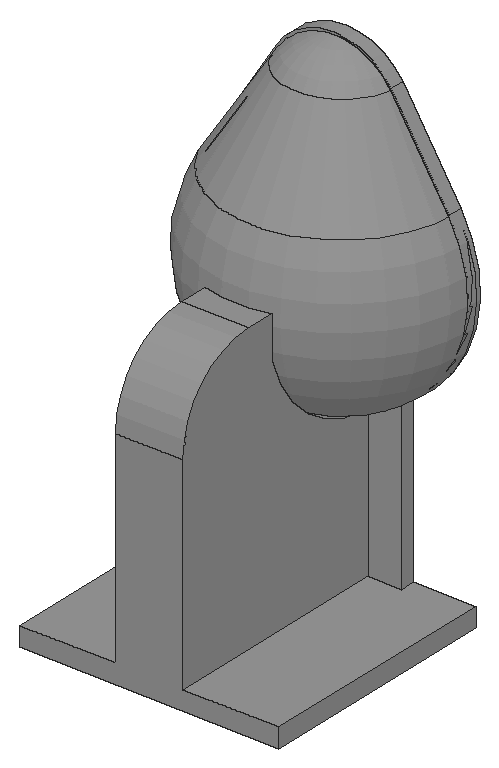
Revit family "Toilet-Willoughby-1490-ETW-CM-TS", category Plumbing Fixtures, host Face, Revit 2014
Parameters (values of type "Standard")
  Waste DIA = 2 1/2"
  Waste Connection = yes
  W-RAD [instance] = Waste DIA / 2  # 0' - 1 1/4"
  Vent Connection = no
  URL = "www.willoughby-ind.com"
  Type Comments = ""
  Revision = "A"
  Model = "ETW-1490-CM-TS"
  Manufacturer = "Willoughby Industries"
  HW Connection = no
  Flush inlet DIA = 1 1/2"
  Flush Inlet Connection = yes
  Fixture Body = Stainless Steel AISI 304-Willoughby
  F-RAD [instance] = Flush inlet DIA / 2  # 0' - 0 3/4"
  Description = "Carrier Mounted Toilet"
  Default Elevation = 0' - 0"
  Contact Number = "(800) 428-4065"
  CW Connection = no
Reference planes (in)
  plane 1 "Base": y = -16.25
  plane 2: z = 0
  plane 3 "Center": x = 18.31072
  plane 4 "Waste height": y = -4.75
  plane 5 "Seat HGT": y = -1.25
  plane 6: y = -2.125
  plane 7 "Unit HGT Off Floor": y = -14.0625
  plane 8: x = 16.56072
  plane 9: x = 20.06072
  plane 10: x = 11.56072
  plane 11: x = 25.06072
  plane 12: z = 2.70924
Forms (in)
  Extrusion 1, solid, material "Stainless Steel AISI 304-Willoughby" <- "Fixture Body"
    sketch origin (16.08109, 7.47968, -7.1422) x (-1, 0, 0) y (0, 0, -1)
      loop
        line (1.29775, -16.80087) -> (1.29775, -7.1422) -> (-5.72963, -7.1422) -> (-5.72963, -16.81676)
        arc (-5.72963, -16.81676) -> (-8.98136, -21.11843) -> (-8.21015, -26.45542) r 7
        line (-8.21015, -26.45542) -> (-5.16818, -31.31054)
        arc (-5.16818, -31.31054) -> (-2.20225, -32.95225) -> (0.76368, -31.31054) r 3.5
        line (0.76368, -31.31054) -> (3.80565, -26.45542)
        arc (3.80565, -26.45542) -> (4.5729, -21.10311) -> (1.29775, -16.80087) r 7
      loop
        arc (2.03989, -24.70557) -> (-2.20225, -18.23804) -> (-6.44438, -24.70557) r 4.625
        line (-6.44438, -24.70557) -> (-4.04125, -30.23842)
        arc (-4.04125, -30.23842) -> (-2.20225, -31.45225) -> (-0.36324, -30.23842) r 2
        line (-0.36324, -30.23842) -> (2.03989, -24.70557)
    from 8.72968 to 9.5
  Revolve 2, solid, material "Stainless Steel AISI 304-Willoughby" <- "Fixture Body"
    sketch origin (19.37246, -1.52032, -3.93826) x (-1, 0, 0) y (0, 0, -1)
      loop
        line (1.06174, -12.59906) -> (1.06174, -12.84906)
        arc (1.06174, -12.84906) -> (6.96784, -16.33096) -> (6.78077, -23.18447) r 6.75
        line (6.78077, -23.18447) -> (3.81535, -27.91457)
        arc (3.81535, -27.91457) -> (2.63527, -29.03194) -> (1.06174, -29.43826) r 3.25
        line (1.06174, -29.43826) -> (1.06174, -29.68826)
        arc (1.06174, -29.68826) -> (2.75672, -29.25045) -> (4.02767, -28.04656) r 3.5
        line (4.02767, -28.04656) -> (7.06964, -23.19143)
        arc (7.06964, -23.19143) -> (7.15052, -16.14555) -> (1.06174, -12.59906) r 7
      axis (1.06174, -12.59906) -> (1.06174, -29.68826)
    angle from 0 to -180
  Extrusion 3, solid, material "Stainless Steel AISI 304-Willoughby" <- "Fixture Body"
    sketch origin (19.53334, -3.02032, -4.9508) x (0, 1, 0) y (0, 0, 1)
      loop
        line (-5.27082, 4.9508) -> (1, 4.9508) -> (1, 13.76086)
        arc (1, 13.76086) -> (-2.93256, 15.26109) -> (-5.27082, 18.76086) r 6.92744
        line (-5.27082, 18.76086) -> (-5.27082, 4.9508)
    from 0.52738 to -2.97262
  Extrusion 4, solid, material "Stainless Steel AISI 304-Willoughby" <- "Fixture Body"
    sketch origin (17.03334, 24.08792, -4.30581) x (0, 1, 0) y (0, 0, 1)
      loop
        line (-32.37906, 4.30581) -> (-32.37906, 20.30581) -> (-33.87467, 20.30581)
        arc (-33.87467, 20.30581) -> (-36.89808, 19.05347) -> (-38.15042, 16.03006) r 4.27575
        line (-38.15042, 16.03006) -> (-38.15042, 4.30581) -> (-32.37906, 4.30581)
    from -0.47262 to 3.02738
  Extrusion 5, solid, material "Stainless Steel AISI 304-Willoughby" <- "Fixture Body"
    sketch origin (0, 14.59309, 0) x (1, 0, 0) y (0, 1, 0)
      loop
        circle (18.31072, -19.34309) r 1.25
    from 5.5 to 0
  Extrusion 6, solid, material "Stainless Steel AISI 304-Willoughby" <- "Fixture Body"
    sketch origin (0, 1.11185, 0) x (1, 0, 0) y (0, 0, 1)
      loop
        circle (18.31072, 2.70924) r 0.75
    from 2.36185 to 1.42435
  Extrusion 7, solid, material "Stainless Steel AISI 304-Willoughby" <- "Fixture Body"
    sketch origin (0, -16.25, 0) x (1, 0, 0) y (0, 0, 1)
      loop
        line (25.06072, 0) -> (25.06072, 1) -> (11.56072, 1) -> (11.56072, 0) -> (25.06072, 0)
    from -15 to -2.1875
Cuts and joins
  joined: Extrusion 1, Extrusion 3, Extrusion 4, Extrusion 7
Lines and regions (in)
  symbolic lines
    curve 1: line (25.06072, -14.0625, 0) -> (11.56072, -14.0625, 0)
    curve 2: line (11.56072, -14.0625, 0) -> (11.56072, -1.25, 0)
    curve 3: line (25.06072, -14.0625, 0) -> (25.06072, -1.25, 0)
    curve 4: line (11.28334, -2.02032, 0) -> (11.28334, -1.25, 0)
    curve 5: line (11.28334, -1.25, 0) -> (25.28334, -1.25, 0)
    curve 6: line (25.28334, -1.25, 0) -> (25.28334, -2.02032, 0)
    curve 7: arc (25.28334, -2.02032, 0) -> (23.07945, -6.64659, 0) -> (18.31072, -8.52239, 0) r 6.98245
    curve 8: arc (18.31072, -8.52239, 0) -> (13.52553, -6.64558, 0) -> (11.28334, -2.02032, 0) r 7.05594
    curve 9: line (16.56072, -14.0625, 0) -> (16.56072, -8.3002, 0)
    curve 10: line (20.06072, -14.0625, 0) -> (20.06072, -8.30127, 0)
    curve 11: line (14.78334, -16.25, 9.65867) -> (14.78334, -16.25, 1)
    curve 12: line (14.78334, -16.25, 1) -> (11.56072, -16.25, 1)
    curve 13: line (11.56072, -16.25, 1) -> (11.56072, -16.25, 0)
    curve 14: line (11.56072, -16.25, 0) -> (25.06072, -16.25, 0)
    curve 15: line (25.06072, -16.25, 0) -> (25.06072, -16.25, 1)
    curve 16: line (25.06072, -16.25, 1) -> (21.81072, -16.25, 1)
    curve 17: line (21.81072, -16.25, 1) -> (21.81072, -16.25, 9.67456)
    curve 18: arc (21.81072, -16.25, 9.67456) -> (25.08549, -16.25, 13.97031) -> (24.29124, -16.25, 19.31322) r 6.94437
    curve 19: line (24.29124, -16.25, 19.31322) -> (21.24927, -16.25, 24.16835)
    curve 20: arc (21.24927, -16.25, 24.16835) -> (18.28334, -16.25, 25.81005) -> (15.31741, -16.25, 24.16835) r 3.5
    curve 21: line (15.31741, -16.25, 24.16835) -> (12.35249, -16.25, 19.43905)
    curve 22: arc (12.35249, -16.25, 19.43905) -> (11.49002, -16.25, 14.03241) -> (14.78334, -16.25, 9.65867) r 7
    curve 27: line (18.31072, -14.0625, 11.72425) -> (18.31072, -14.0625, 0)
    curve 28: line (18.31072, -14.0625, 0) -> (18.31072, -1.25, 0)
    curve 29: line (18.31072, -1.25, 0) -> (18.31072, -1.25, 25.81005)
    curve 30: line (18.31072, -1.25, 25.81005) -> (18.31072, -2.02032, 25.81005)
    curve 31: arc (18.31072, -2.02032, 25.81005) -> (18.31072, -3.32362, 25.29235) -> (18.31072, -4.32667, 24.31229) r 3.56731
    curve 32: line (18.31072, -4.32667, 24.31229) -> (18.31072, -7.52822, 19.25317)
    curve 33: arc (18.31072, -7.52822, 19.25317) -> (18.31072, -8.24438, 17.6935) -> (18.31072, -8.52281, 16) r 6.43494
    curve 34: line (18.31072, -8.29114, 16) -> (18.31072, -9.78675, 16)
    curve 35: arc (18.31072, -9.78675, 16) -> (18.31072, -12.81016, 14.74766) -> (18.31072, -14.0625, 11.72425) r 4.27575
    curve 36: line (18.31072, -14.0625, 1) -> (18.31072, -1.25, 1)
    curve 37: line (18.31072, -2.02032, 1) -> (18.31072, -2.02032, 9.65867)
    curve 38: line (18.31072, -2.02032, 9.65867) -> (18.31072, -1.25, 9.65867)
    curve 39: arc (18.31072, -2.02032, 8.81005) -> (18.31072, -5.95289, 10.31029) -> (18.31072, -8.29114, 13.81005) r 6.92744
    curve 40: arc (18.31072, -8.29114, 13.81005) -> (18.31072, -8.33924, 14.90503) -> (18.31072, -8.29114, 16) r 12.48643
  symbolic lines, detail levels fine
    curve 23: arc (14.0412, -16.25, 17.56337) -> (18.28334, -16.25, 11.09585) -> (22.52547, -16.25, 17.56337) r 4.625
    curve 24: line (22.52547, -16.25, 17.56337) -> (20.12234, -16.25, 23.09622)
    curve 25: arc (20.12234, -16.25, 23.09622) -> (18.28334, -16.25, 24.30245) -> (16.44433, -16.25, 23.09622) r 2.00498
    curve 26: line (16.44433, -16.25, 23.09622) -> (14.0412, -16.25, 17.56337)
Dimensions and locks (in)
  plane 1 "Base" to plane 4 "Waste height" = 0' - 11 1/2"
  plane 1 "Base" to plane 5 "Seat HGT" = 1' - 3"
  plane 1 "Base" to plane 7 "Unit HGT Off Floor" = 0' - 2 3/16"
  plane 10 to plane 11 = 1' - 1 1/2"
  plane 10 to plane 3 "Center" = 0' - 6 3/4"
  "W-RAD": radius of Extrusion 5 sketch curve
  "F-RAD": radius of Extrusion 6 sketch curve
  aligned and locked: plane 2 to host face
  aligned and locked: level to host face
  aligned and locked: plane 3 "Center" to Extrusion 5 sketch curve
  aligned and locked: plane 4 "Waste height" to Extrusion 5 sketch curve
  aligned and locked: plane 3 "Center" to Extrusion 6 sketch curve
  aligned and locked: plane 12 to Extrusion 6 sketch curve
  aligned and locked: cut or joined group of Extrusion 1, Extrusion 3, Extrusion 4, Extrusion 7 to level
  aligned and locked: cut or joined group of Extrusion 1, Extrusion 3, Extrusion 4, Extrusion 7 to cut or joined group of Extrusion 1, Extrusion 3, Extrusion 4, Extrusion 7
  aligned and locked: plane 7 "Unit HGT Off Floor" to cut or joined group of Extrusion 1, Extrusion 3, Extrusion 4, Extrusion 7
Automatic sketch dimensions
  host sketch curve to host sketch curve = 2' - 10.02452"
  host sketch curve to host sketch curve = 2' - 6.99007"
  Extrusion 1 sketch curve to Extrusion 1 sketch curve = 0' - 0"  (x8)
  Extrusion 1 sketch curve to level = 0' - 0"
  plane 3 "Center" to Extrusion 1 sketch curve = 0' - 5.98052"
  Extrusion 1 sketch curve to Extrusion 1 sketch curve = 0' - 1.76576"  (x2)
  plane 3 "Center" to Extrusion 1 sketch curve = 0' - 3 1/2"
  plane 3 "Center" to Extrusion 1 sketch curve = 0' - 2.93855"
  Extrusion 1 sketch curve to Extrusion 1 sketch curve = 0' - 1.12693"  (x2)
  Extrusion 1 sketch curve to plane 3 "Center" = 0' - 0.02738"  (x2)
  Extrusion 1 sketch curve to plane 3 "Center" = 0' - 1.86639"
  Extrusion 1 sketch curve to plane 3 "Center" = 0' - 3.52738"
  Extrusion 1 sketch curve to plane 3 "Center" = 0' - 4 69/256"
  Extrusion 1 sketch curve to Extrusion 1 sketch curve = 0' - 9.65867"
  Extrusion 1 sketch curve to Extrusion 1 sketch curve = 0' - 0.01589"
  Extrusion 1 sketch curve to Extrusion 1 sketch curve = 0' - 6.06218"
  Extrusion 1 sketch curve to Extrusion 1 sketch curve = 0' - 1.74985"
  Extrusion 1 sketch curve to Extrusion 1 sketch curve = 0' - 4.74668"
  Extrusion 1 sketch curve to Extrusion 1 sketch curve = 0' - 0.78617"
  Extrusion 1 sketch curve to Extrusion 1 sketch curve = 0' - 1.07212"
  Revolve 2 sketch curve to Revolve 2 sketch curve = 0' - 0"  (x2)
  Revolve 2 sketch curve to plane 3 "Center" = 0' - 0"  (x3)
  plane 3 "Center" to Revolve 2 sketch curve = 0' - 0"
  Revolve 2 sketch curve to plane 3 "Center" = 0' - 2.75361"
  Revolve 2 sketch curve to Revolve 2 sketch curve = 0' - 0.21232"
  Revolve 2 sketch curve to Revolve 2 sketch curve = 0' - 2.96542"
  Revolve 2 sketch curve to Revolve 2 sketch curve = 0' - 0.28887"
  level to Revolve 2 sketch curve = 2' - 1 3/4"
  Revolve 2 sketch curve to Revolve 2 sketch curve = 0' - 0 1/4"
  Revolve 2 sketch curve to Revolve 2 sketch curve = 0' - 1.3917"
  Revolve 2 sketch curve to Revolve 2 sketch curve = 0' - 0.13199"
  Revolve 2 sketch curve to Revolve 2 sketch curve = 0' - 4.85513"
  Revolve 2 sketch curve to Revolve 2 sketch curve = 0' - 0.00696"
  Revolve 2 sketch curve to Revolve 2 sketch curve = 0' - 3 1/4"
  Revolve 2 sketch curve to Revolve 2 sketch curve = 0' - 3.3392"
  Revolve 2 sketch curve to Revolve 2 sketch curve = 0' - 2.4108"
  Extrusion 3 sketch curve to level = 0' - 0"
  plane 4 "Waste height" to Extrusion 3 sketch curve = 0' - 3.54114"
  plane 6 to Extrusion 3 sketch curve = 0' - 0.10468"
  plane 5 "Seat HGT" to Extrusion 3 sketch curve = 0' - 0.38413"
  Extrusion 3 sketch curve to Extrusion 3 sketch curve = 0' - 8.81005"
  Extrusion 3 sketch curve to Extrusion 3 sketch curve = 0' - 5"
  Extrusion 4 sketch curve to plane 7 "Unit HGT Off Floor" = 0' - 0"
  Extrusion 4 sketch curve to level = 0' - 0"
  Extrusion 4 sketch curve to plane 7 "Unit HGT Off Floor" = 0' - 4.27575"
  Extrusion 4 sketch curve to Extrusion 4 sketch curve = 0' - 1.49561"
  Extrusion 4 sketch curve to Extrusion 4 sketch curve = 0' - 11.72425"
  Extrusion 7 sketch curve to plane 10 = 0' - 0"
  Extrusion 7 sketch curve to plane 11 = 0' - 0"
  Extrusion 7 sketch curve to level = 0' - 0"
  level to Extrusion 7 sketch curve = 0' - 1"
  plane 5 "Seat HGT" to curve 5 = 0' - 0"
  plane 7 "Unit HGT Off Floor" to curve 2 = 0' - 0"
  curve 2 to plane 10 = 0' - 0"
  curve 9 to plane 8 = 0' - 0"
  curve 8 to plane 3 "Center" = 0' - 0"
  curve 7 to plane 3 "Center" = 0' - 0"
  curve 10 to plane 9 = 0' - 0"
  curve 3 to plane 11 = 0' - 0"
  plane 6 to curve 4 = 0' - 0.10468"
  plane 3 "Center" to curve 7 = 0' - 0.00671"
  plane 3 "Center" to curve 8 = 0' - 0.00678"
  curve 3 to curve 6 = 0' - 0.22262"
  plane 6 to curve 6 = 0' - 0.10468"
  curve 8 to curve 10 = 0' - 0.22112"
  curve 22 to curve 23 = 0' - 0"  (x2)
  curve 13 to plane 10 = 0' - 0"
  curve 16 to plane 11 = 0' - 0"
  curve 14 to level = 0' - 0"
  plane 10 to curve 21 = 0' - 0.79177"
  curve 11 to plane 8 = 0' - 1.77738"
  curve 21 to plane 8 = 0' - 1.24331"
  curve 22 to plane 3 "Center" = 0' - 0.02738"
  curve 25 to plane 3 "Center" = 0' - 0.02738"
  curve 20 to curve 25 = 0' - 0"
  plane 3 "Center" to curve 18 = 0' - 0.04954"
  plane 9 to curve 24 = 0' - 0.06162"
  plane 9 to curve 19 = 0' - 1.18855"
  plane 9 to curve 16 = 0' - 1 3/4"
  plane 9 to curve 24 = 0' - 2.46475"
  curve 19 to plane 11 = 0' - 0.76948"
  level to curve 12 = 0' - 1"
  level to curve 16 = 0' - 1"
  plane 12 to curve 11 = 0' - 6.94943"
  plane 12 to curve 17 = 0' - 6.96532"
  curve 17 to curve 18 = 0' - 6.02649"
  curve 18 to curve 23 = 0' - 0.01979"
  curve 24 to curve 18 = 0' - 1.74985"
  curve 24 to curve 25 = 0' - 4.7341"
  curve 25 to curve 20 = 0' - 0.01258"
  curve 20 to curve 24 = 0' - 0.78617"
  curve 20 to curve 21 = 0' - 1.8583"
  plane 10 to curve 23 = 0' - 2 123/256"
  curve 25 to plane 8 = 0' - 0.11639"
  curve 27 to plane 7 "Unit HGT Off Floor" = 0' - 0"
  curve 38 to plane 5 "Seat HGT" = 0' - 0"
  curve 27 to level = 0' - 0"
  curve 34 to plane 7 "Unit HGT Off Floor" = 0' - 4.27575"
  plane 4 "Waste height" to curve 32 = 0' - 2.77822"
  curve 32 to plane 4 "Waste height" = 0' - 0.42333"
  plane 6 to curve 33 = 0' - 0.03438"
  plane 6 to curve 30 = 0' - 0.10468"
  plane 6 to curve 38 = 0' - 0.10468"
  plane 5 "Seat HGT" to curve 39 = 0' - 0.38413"
  plane 5 "Seat HGT" to curve 31 = 0' - 0.13072"
  curve 40 to plane 5 "Seat HGT" = 0' - 5.39719"
  plane 12 to curve 37 = 0' - 6.94943"
  curve 37 to curve 35 = 0' - 2.06558"
  curve 40 to curve 39 = 0' - 0.82169"
  curve 39 to curve 33 = 0' - 0.08539"
  curve 34 to curve 32 = 0' - 3.25317"
  curve 33 to curve 31 = 0' - 6.48844"
  curve 31 to curve 32 = 0' - 2.01175"
  curve 33 to curve 34 = 0' - 0.23168"
  curve 40 to curve 34 = 0' - 0"
  level to curve 36 = 0' - 1"
  curve 39 to curve 37 = 0' - 0.84862"
Connectors (in)
  piping at (18.31072, -4.75, 0), diameter 2.5, driven by "W-RAD", driven by "Waste Connection"
    settings: on Extrusion 5, index 1, connector inside diameter 2 1/2", connector length 0' - 0", flow factor 0, pipe flow 0 GPM, pressure drop 0.00 psi, fitting loss kfactor 0, connector angle 0.00°, fixture units 0, engagement length 0' - 0", angle of deflection 0.00°, flow configuration 0, flow direction 2, fitting loss method 0, system type 16, joint type 0, gender type 0, connector reference index -1, connector utility 1, adjustable connector no, is connector primary yes, connector description "Toilet Waste"
  piping at (18.31072, -0.3125, 2.70924), diameter 1.5, driven by "F-RAD", driven by "Flush Inlet Connection"
    settings: on Extrusion 6, index 2, connector inside diameter 1 1/2", connector length 0' - 0", flow factor 0, pipe flow 0 GPM, pressure drop 0.00 psi, fitting loss kfactor 0, connector angle 0.00°, fixture units 0, engagement length 0' - 0", angle of deflection 0.00°, flow configuration 0, flow direction 1, fitting loss method 0, system type 20, joint type 0, gender type 0, connector reference index -1, connector utility 1, adjustable connector no, is connector primary no, connector description "Flush Inlet"
